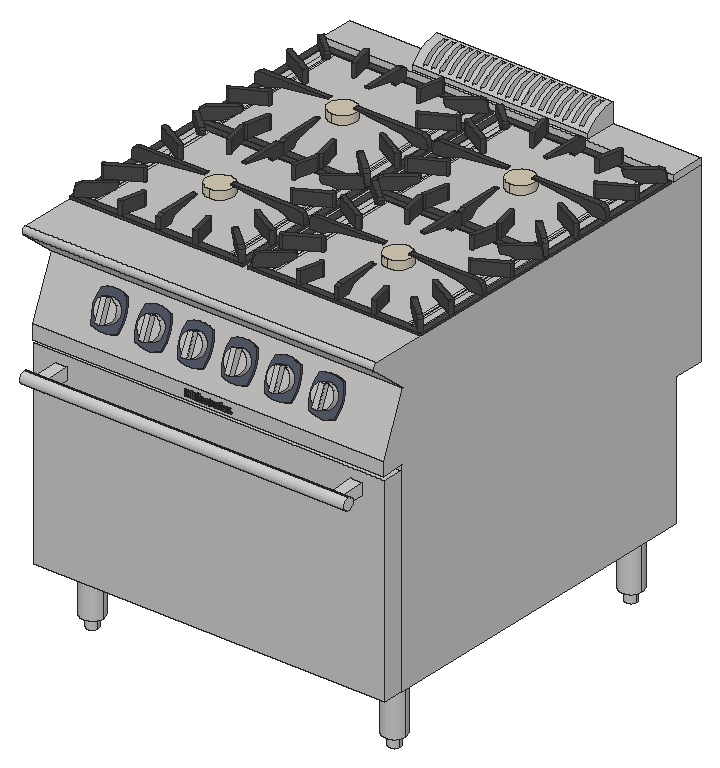
Revit family "QF_ELECTROLUXPROFESSIONAL_391457_E9AAMCBCMEE", category Specialty Equipment, Revit 2023
Family settings
  Round Connector Dimension = Use Diameter
  Part Type = Normal
  Work Plane-Based = No
  Enable Cutting in Views = No
  Always vertical = Yes
  Cut with Voids When Loaded = No
  Maintain Annotation Orientation = No
  Shared = No
  Room Calculation Point = No
Parameters (values of type "Standard")
  Weight = 155.00 kg
  Watts = 0 W
  Volts = 380 V
  URL Manufacturer = "http://www.electroluxprofessional.com"
  URL = "http://www.electroluxprofessional.com"
  Steam Supply Size = 0"
  Steam Supply Minimum Pressure = 0.00 psi
  Steam Supply Maximum Pressure = 0.00 psi
  Steam Consumption per Hour = 0
  Show Logo [instance] = yes
  Show Clearance [instance] = yes
  Refrigeration Suction Line Size = 0 mm
  Refrigeration Liquid Line Size = 0 mm
  Refrigerant Compressor Remote = yes
  Phase = 3
  Model = "E9AAMCBCMEE"
  Manufacturer = "Electrolux Professional"
  Length Actual = 800 mm
  Item Number = "391457"
  Hot Water Size = 0"
  Height Actual = 850 mm
  HP = "8 HP"
  Gas Size = 1/2"
  Gas KW = 28
  Gas Input Pressure = 2.96 Btu/h
  Direct Waste Size = 0"
  Description = "4-BURNER GAS RANGE+ELECTRIC OVEN 800MM - 3MM WORKTOP"
  Depth Actual = 930 mm
  Default Elevation = 0 mm
  Cycle = 50 Hz
  Condensate Return Size = 0"
  Compressed Air Volume = 0 GPM
  Compressed Air Size = 0"
  Compressed Air Pressure = 0.00 psi
  Cold Water Size = 0"
  Accessory = no
Reference planes
  plane 1 "BACK": y = 0
  plane 2: z = 0
  plane 3 "LEFT": x = 0
  plane 4 "RIGHT": x = 800.1
  plane 5 "FRONT": y = -930.275
  plane 6 "TOP": z = 909
  plane 7 "Center Y": x = 400.05
  plane 8 "Center X": y = -465.137
  plane 9: z = 150
  plane 10: z = 1397
  plane 11: y = -80.962
  plane 12: z = 851
  plane 13: x = 56
  plane 14: x = 744.1
  plane 15: y = -128
  plane 16: y = -802
  plane 17: y = -1306
  plane 18: y = -900
  plane 19: x = 552.1
  plane 20: x = 757.1
  plane 21: y = -665
Forms (mm)
  Extrusion 1, solid, material "QF_Finishes_Stainless Steel"
    sketch origin (0, 0, 0) x (0, 1, 0) y (0, 0, 1)
      loop
        line (0, 450.037) -> (0, 851) -> (-921.28, 851)
        arc (-921.28, 851) -> (-929.718, 845.109) -> (-927.095, 835.158) r 8.988
        line (-927.095, 835.158) -> (-846.681, 766.933) -> (-902.478, 641.576) -> (-902.478, 610.279) -> (-855.054, 614.975)
        arc (-855.054, 614.975) -> (-852.529, 614.227) -> (-851.437, 611.831) r 3.175
        line (-851.437, 611.831) -> (-851.437, 150) -> (-71.438, 150) -> (-71.438, 450.037) -> (0, 450.037)
    from 0 to 800.1
  Extrusion 2, solid, material "QF_Finishes_Stainless Steel"
    sketch origin (0, 0, 0) x (0, 1, 0) y (0, 0, 1)
      loop
        line (0, 851) -> (0, 865.288) -> (-76.2, 865.288) -> (-76.2, 851) -> (0, 851)
    from 0 to 800.1
  Extrusion 3, void
    sketch origin (-65.011, 0, 865.138) x (-1, 0, 0) y (0, -1, 0)
      loop
        line (-295.005, 6.761) -> (-285.709, 6.761) -> (-285.709, 63.911) -> (-295.005, 63.911) -> (-295.005, 6.761)
      loop
        line (-313.697, 6.761) -> (-304.401, 6.761) -> (-304.401, 63.911) -> (-313.697, 63.911) -> (-313.697, 6.761)
      loop
        line (-332.39, 6.761) -> (-323.094, 6.761) -> (-323.094, 63.911) -> (-332.39, 63.911) -> (-332.39, 6.761)
      loop
        line (-351.082, 6.761) -> (-341.787, 6.761) -> (-341.787, 63.911) -> (-351.082, 63.911) -> (-351.082, 6.761)
      loop
        line (-369.775, 6.761) -> (-360.479, 6.761) -> (-360.479, 63.911) -> (-369.775, 63.911) -> (-369.775, 6.761)
      loop
        line (-388.468, 6.761) -> (-379.172, 6.761) -> (-379.172, 63.911) -> (-388.468, 63.911) -> (-388.468, 6.761)
      loop
        line (-407.16, 6.761) -> (-397.864, 6.761) -> (-397.864, 63.911) -> (-407.16, 63.911) -> (-407.16, 6.761)
      loop
        line (-425.853, 6.761) -> (-416.557, 6.761) -> (-416.557, 63.911) -> (-425.853, 63.911) -> (-425.853, 6.761)
      loop
        line (-444.545, 6.761) -> (-435.25, 6.761) -> (-435.25, 63.911) -> (-444.545, 63.911) -> (-444.545, 6.761)
      loop
        line (-463.238, 6.761) -> (-453.942, 6.761) -> (-453.942, 63.911) -> (-463.238, 63.911) -> (-463.238, 6.761)
      loop
        line (-481.493, 6.761) -> (-472.635, 6.761) -> (-472.635, 63.911) -> (-481.493, 63.911) -> (-481.493, 6.761)
      loop
        line (-500.186, 6.761) -> (-490.89, 6.761) -> (-490.89, 63.911) -> (-500.186, 63.911) -> (-500.186, 6.761)
      loop
        line (-518.878, 6.761) -> (-509.583, 6.761) -> (-509.583, 63.911) -> (-518.878, 63.911) -> (-518.878, 6.761)
      loop
        line (-537.571, 6.761) -> (-528.275, 6.761) -> (-528.275, 63.911) -> (-537.571, 63.911) -> (-537.571, 6.761)
      loop
        line (-556.264, 6.761) -> (-546.968, 6.761) -> (-546.968, 63.911) -> (-556.264, 63.911) -> (-556.264, 6.761)
      loop
        line (-574.956, 6.761) -> (-565.66, 6.761) -> (-565.66, 63.911) -> (-574.956, 63.911) -> (-574.956, 6.761)
      loop
        line (-593.649, 6.761) -> (-584.353, 6.761) -> (-584.353, 63.911) -> (-593.649, 63.911) -> (-593.649, 6.761)
      loop
        line (-612.341, 6.761) -> (-603.046, 6.761) -> (-603.046, 63.911) -> (-612.341, 63.911) -> (-612.341, 6.761)
      loop
        line (-631.034, 6.761) -> (-621.738, 6.761) -> (-621.738, 63.911) -> (-631.034, 63.911) -> (-631.034, 6.761)
      loop
        line (-649.727, 6.761) -> (-640.431, 6.761) -> (-640.431, 63.911) -> (-649.727, 63.911) -> (-649.727, 6.761)
    from 9.525 to 45.348
  Extrusion 4, solid, material "QF_Finishes_Stainless Steel"
    sketch origin (400.05, 175.397, 1219.2) x (0, 1, 0) y (0, 0, 1)
      loop
        line (-175.397, -353.912) -> (-175.397, -310.2)
        arc (-175.397, -310.2) -> (-214.469, -318.821) -> (-245.247, -344.387) r 84.854
        line (-245.247, -344.387) -> (-245.247, -353.912) -> (-175.397, -353.912)
    from -200.05 to 199.95
  Extrusion 5, solid, material "QF_Finishes_Navy Blue"
    sketch origin (0, -879.281, 692.691) x (0, -0.406642, -0.913587) y (1, 0, 0)
      loop
        arc (-53.776, 223.651) -> (-18.194, 216.027) -> (17.514, 223.034) r 90.5
        arc (17.514, 223.034) -> (24.34, 252.222) -> (17.514, 281.409) r 65.817
        arc (17.514, 281.409) -> (-18.193, 288.369) -> (-53.776, 280.797) r 91.066
        arc (-53.776, 280.797) -> (-60.332, 252.224) -> (-53.776, 223.651) r 65.546
      loop
        arc (-53.776, 123.651) -> (-18.194, 116.027) -> (17.514, 123.034) r 90.5
        arc (17.514, 123.034) -> (24.34, 152.222) -> (17.514, 181.409) r 65.817
        arc (17.514, 181.409) -> (-18.193, 188.369) -> (-53.776, 180.797) r 91.066
        arc (-53.776, 180.797) -> (-60.332, 152.224) -> (-53.776, 123.651) r 65.546
      loop
        arc (-53.776, 576.786) -> (-60.332, 548.214) -> (-53.776, 519.641) r 65.546
        arc (-53.776, 519.641) -> (-18.193, 512.068) -> (17.514, 519.028) r 91.066
        arc (17.514, 519.028) -> (24.34, 548.216) -> (17.514, 577.404) r 65.817
        arc (17.514, 577.404) -> (-18.194, 584.411) -> (-53.776, 576.786) r 90.5
      loop
        arc (-53.776, 676.349) -> (-60.237, 647.995) -> (-53.776, 619.641) r 65.451
        arc (-53.776, 619.641) -> (-18.194, 612.032) -> (17.514, 619.025) r 90.665
        arc (17.514, 619.025) -> (24.245, 647.997) -> (17.514, 676.969) r 65.722
        arc (17.514, 676.969) -> (-18.195, 684.01) -> (-53.776, 676.349) r 90.1
      loop
        arc (-53.776, 420.279) -> (-18.194, 412.655) -> (17.514, 419.662) r 90.5
        arc (17.514, 419.662) -> (24.34, 448.849) -> (17.514, 478.037) r 65.817
        arc (17.514, 478.037) -> (-18.193, 484.997) -> (-53.776, 477.424) r 91.066
        arc (-53.776, 477.424) -> (-60.332, 448.852) -> (-53.776, 420.279) r 65.546
      loop
        arc (-53.776, 320.279) -> (-18.194, 312.655) -> (17.514, 319.662) r 90.5
        arc (17.514, 319.662) -> (24.34, 348.849) -> (17.514, 378.037) r 65.817
        arc (17.514, 378.037) -> (-18.193, 384.997) -> (-53.776, 377.424) r 91.066
        arc (-53.776, 377.424) -> (-60.332, 348.852) -> (-53.776, 320.279) r 65.546
    from 0 to 3.175
  Extrusion 6, solid, material "QF_Finishes_Stainless Steel"
    sketch origin (0, -882.182, 693.982) x (0, -0.406642, -0.913587) y (1, 0, 0)
      loop
        circle (-18.131, 252.457) r 25.4
      loop
        circle (-18.131, 152.457) r 25.4
      loop
        circle (-18.131, 547.543) r 25.4
      loop
        circle (-18.131, 647.543) r 25.4
      loop
        circle (-18.131, 349.085) r 25.4
      loop
        circle (-18.131, 449.085) r 25.4
    from 0 to 12.7
  Extrusion 7, solid, material "QF_Finishes_Stainless Steel"
    sketch origin (0, -893.785, 699.146) x (0, -0.406642, -0.913587) y (1, 0, 0)
      loop
        arc (-42.863, 258.243) -> (-43.531, 252.457) -> (-42.863, 246.671) r 25.4
        line (-42.863, 246.671) -> (6.601, 246.671)
        arc (6.601, 246.671) -> (7.269, 252.457) -> (6.601, 258.243) r 25.4
        line (6.601, 258.243) -> (-42.863, 258.243)
      loop
        arc (-42.863, 158.243) -> (-43.531, 152.457) -> (-42.863, 146.671) r 25.4
        line (-42.863, 146.671) -> (6.601, 146.671)
        arc (6.601, 146.671) -> (7.269, 152.457) -> (6.601, 158.243) r 25.4
        line (6.601, 158.243) -> (-42.863, 158.243)
      loop
        arc (-42.863, 553.425) -> (-43.531, 547.639) -> (-42.863, 541.852) r 25.4
        line (-42.863, 541.852) -> (6.601, 541.852)
        arc (6.601, 541.852) -> (7.269, 547.639) -> (6.601, 553.425) r 25.4
        line (6.601, 553.425) -> (-42.863, 553.425)
      loop
        arc (-42.863, 653.425) -> (-43.531, 647.639) -> (-42.863, 641.852) r 25.4
        line (-42.863, 641.852) -> (6.601, 641.852)
        arc (6.601, 641.852) -> (7.269, 647.639) -> (6.601, 653.425) r 25.4
        line (6.601, 653.425) -> (-42.863, 653.425)
      loop
        arc (-42.863, 454.871) -> (-43.531, 449.085) -> (-42.863, 443.299) r 25.4
        line (-42.863, 443.299) -> (6.601, 443.299)
        arc (6.601, 443.299) -> (7.269, 449.085) -> (6.601, 454.871) r 25.4
        line (6.601, 454.871) -> (-42.863, 454.871)
      loop
        arc (-42.863, 354.871) -> (-43.531, 349.085) -> (-42.863, 343.299) r 25.4
        line (-42.863, 343.299) -> (6.601, 343.299)
        arc (6.601, 343.299) -> (7.269, 349.085) -> (6.601, 354.871) r 25.4
        line (6.601, 354.871) -> (-42.863, 354.871)
    from 0 to 12.7
  Extrusion 8, solid, material "QF_Finishes_Navy Blue", visible <- "Show Logo"
    sketch origin (0, -902.478, 610.279) x (0, 0, 1) y (-1, 0, 0)
      loop
        line (21.268, -357.807) -> (8.901, -357.807)
        arc (8.901, -357.807) -> (15.085, -362.379) -> (21.268, -357.807) r 6.467
      loop
        arc (21.268, -357.178) -> (20.099, -352.035) -> (15.443, -349.557) r 6.338
        line (15.443, -349.557) -> (15.443, -351.603)
        arc (15.443, -351.603) -> (16.927, -355.258) -> (20.372, -357.178) r 5.941
        line (20.372, -357.178) -> (21.268, -357.178)
      loop
        arc (9.797, -357.178) -> (13.242, -355.258) -> (14.726, -351.603) r 5.941
        line (14.726, -351.603) -> (14.726, -349.557)
        arc (14.726, -349.557) -> (10.032, -352.031) -> (8.742, -357.178) r 6.504
        line (8.742, -357.178) -> (9.797, -357.178)
      loop
        line (21.943, -349.088) -> (8.198, -349.088) -> (8.198, -362.851) -> (21.943, -362.851) -> (21.943, -349.088)
      loop
        arc (22.026, -365.819) -> (21.679, -365.461) -> (21.312, -365.799) r 0.358
        arc (21.312, -365.799) -> (20.997, -366.549) -> (20.281, -366.934) r 1.216
        line (20.281, -366.934) -> (9.868, -366.934)
        arc (9.868, -366.934) -> (9.208, -366.657) -> (8.812, -366.06) r 1.238
        arc (8.812, -366.06) -> (8.417, -365.809) -> (8.112, -366.163) r 0.358
        line (8.112, -366.163) -> (8.112, -376.042) -> (10.863, -376.042) -> (10.863, -375.145)
        arc (10.863, -375.145) -> (9.954, -374.565) -> (9.498, -373.588) r 1.928
        line (9.498, -373.588) -> (9.498, -371.089)
        arc (9.498, -371.089) -> (9.774, -370.36) -> (10.462, -369.996) r 1.101
        line (10.462, -369.996) -> (14.549, -369.996) -> (14.549, -373.67)
        arc (14.549, -373.67) -> (14.196, -374.167) -> (13.631, -374.395) r 1.083
        arc (13.631, -374.395) -> (13.367, -374.7) -> (13.659, -374.978) r 0.292
        line (13.659, -374.978) -> (16.621, -374.978)
        arc (16.621, -374.978) -> (16.924, -374.705) -> (16.686, -374.375) r 0.305
        arc (16.686, -374.375) -> (16.195, -374.127) -> (15.89, -373.67) r 1.083
        line (15.89, -373.67) -> (15.89, -369.996) -> (20.567, -369.996) -> (20.567, -373.744)
        arc (20.567, -373.744) -> (20.353, -374.499) -> (19.747, -374.997) r 1.314
        arc (19.747, -374.997) -> (19.527, -375.401) -> (19.882, -375.694) r 0.361
        line (19.882, -375.694) -> (22.026, -375.694) -> (22.026, -365.819)
      loop
        arc (21.309, -376.474) -> (20.928, -377.393) -> (20.01, -377.773) r 1.299
        line (20.01, -377.773) -> (10.431, -377.773)
        arc (10.431, -377.773) -> (9.593, -377.395) -> (9.321, -376.517) r 1.118
        line (9.321, -376.517) -> (8.112, -376.517) -> (8.112, -381.867) -> (9.3, -381.867)
        arc (9.3, -381.867) -> (9.572, -380.95) -> (10.442, -380.554) r 1.153
        line (10.442, -380.554) -> (22.514, -380.554) -> (21.309, -376.474)
      loop
        line (13.077, -384.503) -> (13.077, -390.951) -> (13.876, -390.951)
        arc (13.876, -390.951) -> (16.456, -389.966) -> (17.725, -387.513) r 3.874
        line (17.725, -387.513) -> (17.725, -385.752)
        arc (17.725, -385.752) -> (16.538, -382.887) -> (13.674, -381.701) r 4.051
        line (13.674, -381.701) -> (11.666, -381.701)
        arc (11.666, -381.701) -> (8.847, -383.186) -> (7.795, -386.193) r 4.352
        arc (7.795, -386.193) -> (8.16, -388.656) -> (9.537, -390.73) r 5.713
        line (9.537, -390.73) -> (10.486, -390.73)
        arc (10.486, -390.73) -> (9.754, -389.161) -> (9.537, -387.443) r 5.579
        arc (9.537, -387.443) -> (10.331, -385.48) -> (12.21, -384.503) r 3.057
        line (12.21, -384.503) -> (13.077, -384.503)
      loop
        line (14.336, -384.503) -> (14.336, -388.085)
        arc (14.336, -388.085) -> (15.793, -388.133) -> (16.676, -386.973) r 1.59
        line (16.676, -386.973) -> (16.676, -386.143)
        arc (16.676, -386.143) -> (15.811, -384.888) -> (14.336, -384.503) r 2.184
      loop
        arc (17.127, -400.368) -> (17.616, -398.694) -> (17.773, -396.957) r 9.023
        line (17.773, -396.957) -> (17.773, -395.595)
        arc (17.773, -395.595) -> (16.614, -392.795) -> (13.814, -391.636) r 3.959
        line (13.814, -391.636) -> (11.214, -391.636)
        arc (11.214, -391.636) -> (8.932, -392.928) -> (7.815, -395.301) r 4.331
        line (7.815, -395.301) -> (7.815, -397.436)
        arc (7.815, -397.436) -> (8.323, -398.986) -> (9.245, -400.332) r 5.772
        arc (9.245, -400.332) -> (10.006, -400.383) -> (10.093, -399.624) r 0.553
        arc (10.093, -399.624) -> (9.705, -398.89) -> (9.571, -398.071) r 2.573
        line (9.571, -398.071) -> (9.571, -396.556)
        arc (9.571, -396.556) -> (10.577, -394.915) -> (12.392, -394.272) r 2.884
        line (12.392, -394.272) -> (13.67, -394.272)
        arc (13.67, -394.272) -> (15.492, -394.832) -> (16.418, -396.497) r 2.554
        line (16.418, -396.497) -> (16.418, -397.55)
        arc (16.418, -397.55) -> (16.087, -398.478) -> (15.43, -399.213) r 2.564
        arc (15.43, -399.213) -> (15.208, -399.93) -> (15.817, -400.368) r 0.643
        line (15.817, -400.368) -> (17.127, -400.368)
      loop
        line (16.109, -400.638) -> (16.109, -402.139) -> (10.061, -402.139)
        arc (10.061, -402.139) -> (8.473, -402.797) -> (7.815, -404.385) r 2.246
        line (7.815, -404.385) -> (7.815, -405.969)
        arc (7.815, -405.969) -> (8.129, -406.834) -> (8.629, -407.605) r 4.06
        arc (8.629, -407.605) -> (9.362, -407.738) -> (9.613, -407.037) r 0.576
        arc (9.613, -407.037) -> (9.507, -406.512) -> (9.571, -405.979) r 1.69
        arc (9.571, -405.979) -> (10.113, -405.191) -> (11.019, -404.888) r 1.506
        line (11.019, -404.888) -> (16.157, -404.888) -> (16.157, -407.285) -> (16.713, -407.842) -> (17.535, -407.842) -> (17.535, -404.982) -> (20.766, -404.982) -> (16.109, -400.638)
      loop
        line (8.032, -408.739) -> (8.032, -414.126) -> (9.142, -414.126)
        arc (9.142, -414.126) -> (9.536, -413.175) -> (10.487, -412.781) r 1.345
        line (10.487, -412.781) -> (14.103, -412.781)
        arc (14.103, -412.781) -> (14.868, -413.373) -> (15.157, -414.295) r 1.615
        line (15.157, -414.295) -> (15.157, -415.851) -> (17.713, -416.536) -> (17.713, -415.153) -> (15.771, -412.594) -> (17.651, -412.594) -> (17.367, -409.888)
        arc (17.367, -409.888) -> (16.927, -409.358) -> (16.268, -409.559) r 0.621
        arc (16.268, -409.559) -> (15.868, -409.901) -> (15.374, -410.084) r 1.501
        line (15.374, -410.084) -> (10.487, -410.084)
        arc (10.487, -410.084) -> (9.536, -409.69) -> (9.142, -408.739) r 1.345
        line (9.142, -408.739) -> (8.032, -408.739)
      loop
        line (14.134, -416.073) -> (11.442, -416.073)
        arc (11.442, -416.073) -> (8.996, -417.381) -> (7.863, -419.912) r 4.288
        arc (7.863, -419.912) -> (7.799, -421.292) -> (7.863, -422.672) r 15.022
        arc (7.863, -422.672) -> (8.996, -425.203) -> (11.442, -426.51) r 4.288
        line (11.442, -426.51) -> (14.134, -426.51)
        arc (14.134, -426.51) -> (16.579, -425.203) -> (17.713, -422.672) r 4.288
        arc (17.713, -422.672) -> (17.777, -421.292) -> (17.713, -419.912) r 15.022
        arc (17.713, -419.912) -> (16.579, -417.381) -> (14.134, -416.073) r 4.288
      loop
        line (14.339, -419.187) -> (11.237, -419.187)
        arc (11.237, -419.187) -> (9.08, -421.344) -> (11.237, -423.501) r 2.157
        line (11.237, -423.501) -> (14.339, -423.501)
        arc (14.339, -423.501) -> (16.496, -421.344) -> (14.339, -419.187) r 2.157
      loop
        arc (21.32, -426.369) -> (20.949, -427.263) -> (20.055, -427.633) r 1.264
        line (20.055, -427.633) -> (10.191, -427.633)
        arc (10.191, -427.633) -> (9.321, -427.236) -> (9.049, -426.32) r 1.153
        line (9.049, -426.32) -> (8.112, -426.32) -> (8.112, -431.428) -> (9.04, -431.428)
        arc (9.04, -431.428) -> (9.399, -430.656) -> (10.191, -430.341) r 1.153
        line (10.191, -430.341) -> (22.514, -430.341) -> (21.32, -426.369)
      loop
        arc (16.44, -430.966) -> (16.241, -432.03) -> (15.272, -432.512) r 1.215
        line (15.272, -432.512) -> (10.252, -432.512)
        arc (10.252, -432.512) -> (8.637, -433.16) -> (7.916, -434.743) r 2.338
        line (7.916, -434.743) -> (7.916, -436.257)
        arc (7.916, -436.257) -> (8.091, -437.261) -> (8.593, -438.147) r 2.979
        line (8.593, -438.147) -> (8.112, -439.944) -> (8.112, -441.633) -> (17.537, -441.633) -> (17.243, -437.429) -> (16.457, -437.429)
        arc (16.457, -437.429) -> (16.101, -438.265) -> (15.349, -438.774) r 1.605
        line (15.349, -438.774) -> (10.246, -438.774)
        arc (10.246, -438.774) -> (9.826, -437.837) -> (9.753, -436.813) r 2.94
        arc (9.753, -436.813) -> (10.314, -435.712) -> (11.467, -435.269) r 1.724
        line (11.467, -435.269) -> (17.664, -435.269) -> (16.44, -430.966)
      loop
        line (17.468, -442.486) -> (15.796, -444.532) -> (12.622, -446.838) -> (9.166, -443.726)
        arc (9.166, -443.726) -> (8.928, -443.332) -> (8.951, -442.873) r 0.789
        line (8.951, -442.873) -> (8.112, -442.873) -> (8.112, -446.418) -> (8.938, -446.418)
        arc (8.938, -446.418) -> (9.28, -446.056) -> (9.77, -446.148) r 0.52
        line (9.77, -446.148) -> (11.57, -447.619) -> (9.452, -448.995)
        arc (9.452, -448.995) -> (9.051, -448.685) -> (8.964, -448.185) r 0.7
        line (8.964, -448.185) -> (8.112, -448.185) -> (8.112, -454.112) -> (8.998, -454.112)
        arc (8.998, -454.112) -> (9.065, -453.453) -> (9.46, -452.922) r 1.247
        line (9.46, -452.922) -> (13.66, -449.641) -> (16.107, -451.694) -> (17.468, -453.436) -> (17.468, -449.713) -> (15.983, -450.135) -> (14.462, -448.858) -> (16.162, -447.668) -> (17.468, -448.445) -> (17.468, -442.486)
    from 0 to 1.644
  Extrusion 9, solid, material "QF_Finishes_Stainless Steel"
    sketch origin (0, -851.437, 611.831) x (0, 0, -1) y (1, 0, 0)
      loop
        line (461.056, 0) -> (461.056, 800) -> (9.61, 800) -> (9.61, 0) -> (461.056, 0)
    from 3.175 to 48.563
  Extrusion 10, solid, material "QF_Door-Drawer Clearances", visible <- "Show Clearance", detail levels coarse
    sketch origin (800, -851.437, 150.775) x (0, 0, 1) y (0, -1, 0)
      loop
        line (0, 454.563) -> (0, 48.563) -> (451.635, 48.563)
        arc (451.635, 48.563) -> (296.232, 329.892) -> (0, 454.563) r 490.361
    from 0 to -800
  Extrusion 11, solid, material "QF_Clearances", visible <- "Show Clearance", detail levels coarse
    sketch origin (0, 0, 0) x (1, 0, 0) y (0, 1, 0)
      loop
        line (-100.013, -930.275) -> (0, -930.275) -> (0, 0) -> (800.1, 0) -> (800.1, -930.275) -> (900.113, -930.275) -> (900.113, 100.013) -> (-100.013, 100.013) -> (-100.013, -930.275)
    from 0 to 909
  Revolve 12, solid, material "QF_Finishes_Stainless Steel"
    sketch origin (800.1, -128, 611.731) x (0, 0, -1) y (1, 0, 0)
      loop
        line (461.731, -56) -> (611.731, -56) -> (611.731, -43.3) -> (586.331, -43.3) -> (586.331, -30.6) -> (461.731, -30.6) -> (461.731, -56)
      axis (611.731, -56) -> (461.731, -56)
    angle from 0 to 360
  Revolve 13, solid, material "QF_Finishes_Stainless Steel"
    sketch origin (111.125, -128, 611.731) x (0, 0, -1) y (1, 0, 0)
      loop
        line (461.731, -55.125) -> (611.731, -55.125) -> (611.731, -42.425) -> (586.331, -42.425) -> (586.331, -29.725) -> (461.731, -29.725) -> (461.731, -55.125)
      axis (611.731, -55.125) -> (461.731, -55.125)
    angle from 0 to 360
  Revolve 14, solid, material "QF_Finishes_Stainless Steel"
    sketch origin (800.1, -802, 611.731) x (0, 0, -1) y (1, 0, 0)
      loop
        line (461.731, -56) -> (611.731, -56) -> (611.731, -43.3) -> (586.331, -43.3) -> (586.331, -30.6) -> (461.731, -30.6) -> (461.731, -56)
      axis (611.731, -56) -> (461.731, -56)
    angle from 0 to 360
  Revolve 15, solid, material "QF_Finishes_Stainless Steel"
    sketch origin (111.125, -802, 611.731) x (0, 0, -1) y (1, 0, 0)
      loop
        line (461.731, -55.125) -> (611.731, -55.125) -> (611.731, -42.425) -> (586.331, -42.425) -> (586.331, -29.725) -> (461.731, -29.725) -> (461.731, -55.125)
      axis (611.731, -55.125) -> (461.731, -55.125)
    angle from 0 to 360
  Extrusion 16, solid, material "QF_Finishes_Handrails and Railings"
    sketch origin (50.8, -1067.312, 150) x (0, 0, 1) y (0, 1, 0)
      loop
        circle (421.409, 103.146) r 12.7
    from 19.875 to -718.375
  Extrusion 17, solid, material "QF_Finishes_Handrails and Railings"
    sketch origin (800, -1067.312, 150) x (0, 0, 1) y (0, -1, 0)
      loop
        line (430.101, -167.312) -> (427.396, -114.347)
        arc (427.396, -114.347) -> (413.589, -113.153) -> (409.093, -100.044) r 12.7
        arc (409.093, -100.044) -> (408.276, -100.585) -> (407.501, -101.183) r 13.441
        arc (407.501, -101.183) -> (406.055, -102.989) -> (405.435, -105.216) r 5.77
        line (405.435, -105.216) -> (402.092, -167.312) -> (430.101, -167.312)
    from -50.7 to -76.1
  Extrusion 18, solid, material "QF_Finishes_Handrails and Railings"
    sketch origin (0.1, -1067.312, 150) x (0, 0, 1) y (0, 1, 0)
      loop
        line (430.101, 167.312) -> (402.092, 167.312) -> (405.435, 105.216)
        arc (405.435, 105.216) -> (406.055, 102.989) -> (407.501, 101.183) r 5.77
        arc (407.501, 101.183) -> (408.276, 100.585) -> (409.093, 100.044) r 13.441
        arc (409.093, 100.044) -> (413.589, 113.153) -> (427.396, 114.347) r 12.7
        line (427.396, 114.347) -> (430.101, 167.312)
    from -50.7 to -76.1
  Extrusion 19, solid, material "QF_Finishes_Stainless Steel"
    sketch origin (0, -851.437, 150) x (1, 0, 0) y (0, -1, 0)
      loop
        circle (757.1, -91.437) r 12.7
    from 0 to 4
  Extrusion 20, solid, material "QF_Finishes_Stainless Steel"
    sketch origin (0, -851.437, 150) x (1, 0, 0) y (0, -1, 0)
      loop
        circle (749.1, -186.437) r 6.4
    from 0 to 21
  Extrusion 21, solid, material "QF_Finishes_Stainless Steel"
    sketch origin (0, -851.437, 150) x (1, 0, 0) y (0, -1, 0)
      loop
        circle (649.1, -316.437) r 12.7
    from 0 to 3
Cuts and joins
  Extrusion 3 cuts Extrusion 4
Lines and regions (mm)
  Split face 1
    outline origin (0, -846.681, 766.933) x (0, -0.406642, -0.913587) y (1, 0, 0)
      loop
        circle (14.837, 511.387) r 5
  Split face 2
    outline origin (800.1, -846.681, 766.933) x (0, -0.406642, -0.913587) y (1, 0, 0)
      loop
        circle (14.837, -511.387) r 5
  symbolic lines, style "QF_Clearances", visible <- "Show Clearance", detail levels coarse
    curve 1: line (-100.013, -930.275, 0) -> (-100.012, 100.013, 0)
    curve 2: line (-100.013, 100.013, 0) -> (900.113, 100.013, 0)
    curve 3: line (900.113, 100.013, 0) -> (900.113, -929.879, 0)
  symbolic lines
    curve 4: line (0, 0, 0) -> (800.1, 0, 0)
    curve 5: line (800.1, 0, 0) -> (800.1, -930.275, 0)
    curve 6: line (0, -930.275, 0) -> (0, 0, 0)
    curve 7: line (0, -76.2, 0) -> (800.1, -76.2, 0)
    curve 8: line (0, -930.275, 0) -> (800.1, -930.275, 0)
    curve 13: line (50.8, -967.268, 0) -> (50.8, -930.275, 0)
    curve 14: line (50.8, -967.268, 0) -> (76.2, -967.268, 0)
    curve 15: line (76.2, -967.268, 0) -> (76.2, -930.275, 0)
    curve 16: line (30.925, -951.466, 0) -> (30.925, -976.866, 0)
    curve 17: line (30.925, -976.866, 0) -> (769.175, -976.866, 0)
    curve 18: line (769.175, -976.866, 0) -> (769.175, -951.466, 0)
    curve 19: line (769.175, -951.466, 0) -> (749.3, -951.466, 0)
    curve 20: line (749.3, -967.268, 0) -> (749.3, -930.275, 0)
    curve 21: line (723.9, -930.275, 0) -> (723.9, -967.268, 0)
    curve 22: line (723.9, -967.268, 0) -> (749.3, -967.268, 0)
    curve 23: line (76.2, -951.468, 0) -> (723.9, -951.468, 0)
    curve 24: line (200, -69.85, 0) -> (600, -69.85, 0)
    curve 25: line (220.698, -63.911, 0) -> (220.698, -6.761, 0)
    curve 26: line (220.698, -6.761, 0) -> (229.994, -6.761, 0)
    curve 27: line (229.994, -6.761, 0) -> (229.994, -63.911, 0)
    curve 28: line (229.994, -63.911, 0) -> (220.698, -63.911, 0)
    curve 29: line (239.39, -63.911, 0) -> (239.39, -6.761, 0)
    curve 30: line (239.39, -6.761, 0) -> (248.686, -6.761, 0)
    curve 31: line (248.686, -6.761, 0) -> (248.686, -63.911, 0)
    curve 32: line (248.686, -63.911, 0) -> (239.39, -63.911, 0)
    curve 33: line (258.083, -63.911, 0) -> (258.083, -6.761, 0)
    curve 34: line (258.083, -6.761, 0) -> (267.379, -6.761, 0)
    curve 35: line (267.379, -6.761, 0) -> (267.379, -63.911, 0)
    curve 36: line (267.379, -63.911, 0) -> (258.083, -63.911, 0)
    curve 37: line (276.776, -63.911, 0) -> (276.776, -6.761, 0)
    curve 38: line (276.776, -6.761, 0) -> (286.071, -6.761, 0)
    curve 39: line (286.071, -6.761, 0) -> (286.071, -63.911, 0)
    curve 40: line (286.071, -63.911, 0) -> (276.776, -63.911, 0)
    curve 41: line (295.468, -63.911, 0) -> (295.468, -6.761, 0)
    curve 42: line (295.468, -6.761, 0) -> (304.764, -6.761, 0)
    curve 43: line (304.764, -6.761, 0) -> (304.764, -63.911, 0)
    curve 44: line (304.764, -63.911, 0) -> (295.468, -63.911, 0)
    curve 45: line (314.161, -63.911, 0) -> (314.161, -6.761, 0)
    curve 46: line (314.161, -6.761, 0) -> (323.457, -6.761, 0)
    curve 47: line (323.457, -6.761, 0) -> (323.457, -63.911, 0)
    curve 48: line (323.457, -63.911, 0) -> (314.161, -63.911, 0)
    curve 49: line (332.854, -63.911, 0) -> (332.854, -6.761, 0)
    curve 50: line (332.854, -6.761, 0) -> (342.149, -6.761, 0)
    curve 51: line (342.149, -6.761, 0) -> (342.149, -63.911, 0)
    curve 52: line (342.149, -63.911, 0) -> (332.854, -63.911, 0)
    curve 53: line (351.546, -63.911, 0) -> (351.546, -6.761, 0)
    curve 54: line (351.546, -6.761, 0) -> (360.842, -6.761, 0)
    curve 55: line (360.842, -6.761, 0) -> (360.842, -63.911, 0)
    curve 56: line (360.842, -63.911, 0) -> (351.546, -63.911, 0)
    curve 57: line (370.239, -63.911, 0) -> (370.239, -6.761, 0)
    curve 58: line (370.239, -6.761, 0) -> (379.534, -6.761, 0)
    curve 59: line (379.534, -6.761, 0) -> (379.534, -63.911, 0)
    curve 60: line (379.534, -63.911, 0) -> (370.239, -63.911, 0)
    curve 61: line (388.931, -63.911, 0) -> (388.931, -6.761, 0)
    curve 62: line (388.931, -6.761, 0) -> (398.227, -6.761, 0)
    curve 63: line (398.227, -6.761, 0) -> (398.227, -63.911, 0)
    curve 64: line (398.227, -63.911, 0) -> (388.931, -63.911, 0)
    curve 65: line (407.624, -63.911, 0) -> (407.624, -6.761, 0)
    curve 66: line (407.624, -6.761, 0) -> (416.482, -6.761, 0)
    curve 67: line (416.482, -6.761, 0) -> (416.482, -63.911, 0)
    curve 68: line (416.482, -63.911, 0) -> (407.624, -63.911, 0)
    curve 69: line (425.879, -63.911, 0) -> (425.879, -6.761, 0)
    curve 70: line (425.879, -6.761, 0) -> (435.175, -6.761, 0)
    curve 71: line (435.175, -6.761, 0) -> (435.175, -63.911, 0)
    curve 72: line (435.175, -63.911, 0) -> (425.879, -63.911, 0)
    curve 73: line (444.572, -63.911, 0) -> (444.572, -6.761, 0)
    curve 74: line (444.572, -6.761, 0) -> (453.867, -6.761, 0)
    curve 75: line (453.867, -6.761, 0) -> (453.867, -63.911, 0)
    curve 76: line (453.867, -63.911, 0) -> (444.572, -63.911, 0)
    curve 77: line (463.264, -63.911, 0) -> (463.264, -6.761, 0)
    curve 78: line (463.264, -6.761, 0) -> (472.56, -6.761, 0)
    curve 79: line (472.56, -6.761, 0) -> (472.56, -63.911, 0)
    curve 80: line (472.56, -63.911, 0) -> (463.264, -63.911, 0)
    curve 81: line (481.957, -63.911, 0) -> (481.957, -6.761, 0)
    curve 82: line (481.957, -6.761, 0) -> (491.253, -6.761, 0)
    curve 83: line (491.253, -6.761, 0) -> (491.253, -63.911, 0)
    curve 84: line (491.253, -63.911, 0) -> (481.957, -63.911, 0)
    curve 85: line (500.65, -63.911, 0) -> (500.65, -6.761, 0)
    curve 86: line (500.65, -6.761, 0) -> (509.945, -6.761, 0)
    curve 87: line (509.945, -6.761, 0) -> (509.945, -63.911, 0)
    curve 88: line (509.945, -63.911, 0) -> (500.65, -63.911, 0)
    curve 89: line (519.342, -63.911, 0) -> (519.342, -6.761, 0)
    curve 90: line (519.342, -6.761, 0) -> (528.638, -6.761, 0)
    curve 91: line (528.638, -6.761, 0) -> (528.638, -63.911, 0)
    curve 92: line (528.638, -63.911, 0) -> (519.342, -63.911, 0)
    curve 93: line (538.035, -63.911, 0) -> (538.035, -6.761, 0)
    curve 94: line (538.035, -6.761, 0) -> (547.33, -6.761, 0)
    curve 95: line (547.33, -6.761, 0) -> (547.33, -63.911, 0)
    curve 96: line (547.33, -63.911, 0) -> (538.035, -63.911, 0)
    curve 97: line (556.727, -63.911, 0) -> (556.727, -6.761, 0)
    curve 98: line (556.727, -6.761, 0) -> (566.023, -6.761, 0)
    curve 99: line (566.023, -6.761, 0) -> (566.023, -63.911, 0)
    curve 100: line (566.023, -63.911, 0) -> (556.727, -63.911, 0)
    curve 101: line (575.42, -63.911, 0) -> (575.42, -6.761, 0)
    curve 102: line (575.42, -6.761, 0) -> (584.716, -6.761, 0)
    curve 103: line (584.716, -6.761, 0) -> (584.716, -63.911, 0)
    curve 104: line (584.716, -63.911, 0) -> (575.42, -63.911, 0)
    curve 105: line (600, -69.85, 0) -> (600, 0, 0)
    curve 106: line (200, 0, 0) -> (200, -69.85, 0)
  symbolic lines, style "QF_Door-Drawer Clearances"
    curve 9: line (800.1, -930.275, 0) -> (800.1, -1306, 0)
    curve 10: line (800.1, -1306, 0) -> (0, -1306, 0)
    curve 11: line (0, -930.275, 0) -> (0, -1306, 0)
  symbolic lines, style "SpecialityEquipment"
    curve 12: line (30.925, -951.466, 0) -> (50.8, -951.466, 0)
Dimensions and locks
  equal spacing: plane 3 "LEFT", plane 7 "Center Y", plane 4 "RIGHT"
  plane 3 "LEFT" to plane 4 "RIGHT" = 800.1 mm
  equal spacing: plane 5 "FRONT", plane 8 "Center X", plane 1 "BACK"
  plane 5 "FRONT" to plane 1 "BACK" = 930.275 mm  (x3)
  plane 6 "TOP" to plane 2 = 909 mm
  plane 9 to plane 2 = 150 mm
  plane 10 to plane 2 = 1397 mm
  plane 6 "TOP" to plane 12 = 58 mm  (x2)
  plane 12 to plane 2 = 851 mm
  plane 3 "LEFT" to plane 13 = 56 mm
  plane 4 "RIGHT" to plane 14 = 56 mm
  plane 15 to plane 1 "BACK" = 128 mm
  plane 16 to plane 15 = 674 mm
  Extrusion 1 sketch curve to plane 1 "BACK" = 71.438 mm
  Extrusion 1 sketch curve to plane 9 = 300.037 mm
  plane 17 to plane 1 "BACK" = 1306 mm
  plane 18 to plane 1 "BACK" = 900 mm
  plane 18 to plane 16 = 98 mm
  plane 9 to Extrusion 1 = 300.037 mm
  plane 4 "RIGHT" to plane 19 = 248 mm
  plane 4 "RIGHT" to plane 20 = 43 mm
  plane 13 to plane 14 = 688.1 mm
  plane 21 to plane 1 "BACK" = 665 mm
  Extrusion 19 sketch curve to plane 4 "RIGHT" = 43 mm
  Extrusion 19 sketch curve to plane 1 "BACK" = 760 mm
  plane 2 to Extrusion 20 = 129 mm
  aligned and locked: level to plane 2
  aligned and locked: Extrusion 1 to plane 4 "RIGHT"
  aligned and locked: Extrusion 2 to plane 4 "RIGHT"
  aligned and locked: Extrusion 10 to Extrusion 9
  aligned and locked: plane 6 "TOP" to Extrusion 11
Automatic sketch dimensions
  Extrusion 2 sketch curve to plane 12 = 0 mm
  Extrusion 2 sketch curve to plane 1 "BACK" = 0 mm
  plane 11 to Extrusion 2 sketch curve = 4.763 mm
  plane 12 to Extrusion 2 sketch curve = 14.288 mm
  plane 19 to Extrusion 3 sketch curve = 32.616 mm
  Extrusion 3 sketch curve to Extrusion 3 sketch curve = 9.296 mm  (x18)
  Extrusion 3 sketch curve to Extrusion 3 sketch curve = 9.397 mm  (x17)
  plane 19 to Extrusion 3 sketch curve = 4.627 mm
  Extrusion 3 sketch curve to plane 19 = 4.77 mm
  plane 7 "Center Y" to Extrusion 3 sketch curve = 7.574 mm
  Extrusion 3 sketch curve to plane 7 "Center Y" = 1.823 mm
  plane 1 "BACK" to Extrusion 3 sketch curve = 6.761 mm  (x20)
  plane 11 to Extrusion 3 sketch curve = 17.052 mm  (x20)
  Extrusion 4 sketch curve to plane 1 "BACK" = 0 mm
  Extrusion 4 sketch curve to plane 6 "TOP" = 0 mm
  plane 1 "BACK" to Extrusion 4 sketch curve = 1.769 mm
  plane 11 to Extrusion 4 sketch curve = 11.113 mm
  Extrusion 4 sketch curve to plane 6 "TOP" = 34.187 mm
  Extrusion 4 sketch curve to Extrusion 4 sketch curve = 9.525 mm
  plane 19 to Extrusion 5 sketch curve = 67.541 mm
  Extrusion 5 sketch curve to plane 13 = 167.651 mm
  Extrusion 5 sketch curve to Extrusion 5 sketch curve = 0 mm  (x16)
  Extrusion 5 sketch curve to plane 7 "Center Y" = 22.626 mm
  Extrusion 5 sketch curve to plane 19 = 32.459 mm
  plane 7 "Center Y" to Extrusion 5 sketch curve = 20.229 mm
  plane 19 to Extrusion 5 sketch curve = 24.686 mm
  Extrusion 5 sketch curve to Extrusion 5 sketch curve = 12.3 mm  (x18)
  Extrusion 5 sketch curve to plane 19 = 3.884 mm
  Extrusion 5 sketch curve to Extrusion 5 sketch curve = 36.365 mm  (x7)
  plane 7 "Center Y" to Extrusion 5 sketch curve = 3.101 mm
  Extrusion 5 sketch curve to plane 7 "Center Y" = 6.115 mm
  Extrusion 5 sketch curve to Extrusion 5 sketch curve = 46.691 mm  (x6)
  plane 7 "Center Y" to Extrusion 5 sketch curve = 19.612 mm
  Extrusion 5 sketch curve to plane 7 "Center Y" = 22.013 mm
  Extrusion 5 sketch curve to Extrusion 5 sketch curve = 0.617 mm
  Extrusion 5 sketch curve to Extrusion 5 sketch curve = 16.51 mm  (x2)
  Extrusion 5 sketch curve to Extrusion 5 sketch curve = 9.217 mm  (x2)
  Extrusion 5 sketch curve to Extrusion 5 sketch curve = 15.898 mm
  Extrusion 5 sketch curve to Extrusion 5 sketch curve = 29.185 mm
  Extrusion 5 sketch curve to Extrusion 5 sketch curve = 28.57 mm  (x2)
  Extrusion 5 sketch curve to Extrusion 5 sketch curve = 13.138 mm
  Extrusion 5 sketch curve to Extrusion 5 sketch curve = 9.238 mm
  Extrusion 5 sketch curve to Extrusion 5 sketch curve = 15.894 mm
  Extrusion 5 sketch curve to Extrusion 5 sketch curve = 28.97 mm
  Extrusion 6 sketch curve to Extrusion 6 sketch curve = 0 mm  (x5)
  Extrusion 6 sketch curve to Extrusion 6 sketch curve = 100 mm  (x3)
  Extrusion 6 sketch curve to Extrusion 6 sketch curve = 96.628 mm
  Extrusion 6 sketch curve to Extrusion 6 sketch curve = 98.458 mm
  Extrusion 7 sketch curve to Extrusion 7 sketch curve = 0 mm  (x12)
  Extrusion 7 sketch curve to Extrusion 7 sketch curve = 24.732 mm  (x8)
  Extrusion 7 sketch curve to Extrusion 7 sketch curve = 86.982 mm
  Extrusion 7 sketch curve to Extrusion 7 sketch curve = 5.786 mm  (x2)
  Extrusion 7 sketch curve to Extrusion 7 sketch curve = 88.428 mm
  Extrusion 8 sketch curve to Extrusion 1 = 2.755 mm
  Extrusion 8 sketch curve to Extrusion 1 = 7.795 mm
  Extrusion 8 sketch curve to Extrusion 1 = 7.815 mm  (x2)
  Extrusion 8 sketch curve to Extrusion 8 sketch curve = 5.108 mm  (x2)
  Extrusion 8 sketch curve to Extrusion 8 sketch curve = 0 mm  (x27)
  Extrusion 8 sketch curve to Extrusion 1 = 7.916 mm
  Extrusion 8 sketch curve to Extrusion 8 sketch curve = 0.218 mm
  Extrusion 8 sketch curve to Extrusion 8 sketch curve = 0.195 mm
  Extrusion 8 sketch curve to Extrusion 8 sketch curve = 0.249 mm
  Extrusion 8 sketch curve to Extrusion 1 = 8.112 mm
  Extrusion 8 sketch curve to Extrusion 8 sketch curve = 0.087 mm
  Extrusion 8 sketch curve to Extrusion 8 sketch curve = 0.358 mm
  Extrusion 8 sketch curve to Extrusion 8 sketch curve = 0.481 mm
  Extrusion 8 sketch curve to Extrusion 8 sketch curve = 0.597 mm
  Extrusion 8 sketch curve to Extrusion 8 sketch curve = 0.544 mm
  Extrusion 8 sketch curve to Extrusion 8 sketch curve = 0.936 mm
  Extrusion 8 sketch curve to Extrusion 8 sketch curve = 0.594 mm
  Extrusion 8 sketch curve to Extrusion 8 sketch curve = 0.343 mm
  Extrusion 8 sketch curve to Extrusion 8 sketch curve = 0.159 mm
  Extrusion 8 sketch curve to Extrusion 8 sketch curve = 0.826 mm
  Extrusion 8 sketch curve to Extrusion 8 sketch curve = 0.839 mm
  Extrusion 8 sketch curve to Extrusion 8 sketch curve = 0.852 mm
  Extrusion 8 sketch curve to Extrusion 8 sketch curve = 0.887 mm
  Extrusion 8 sketch curve to Extrusion 8 sketch curve = 0.928 mm
  Extrusion 8 sketch curve to Extrusion 8 sketch curve = 0.938 mm
  Extrusion 8 sketch curve to Extrusion 8 sketch curve = 0.444 mm
  Extrusion 8 sketch curve to Extrusion 8 sketch curve = 1.11 mm  (x3)
  Extrusion 8 sketch curve to Extrusion 8 sketch curve = 0.215 mm
  Extrusion 8 sketch curve to Extrusion 8 sketch curve = 1.43 mm
  Extrusion 8 sketch curve to Extrusion 8 sketch curve = 1.188 mm
  Extrusion 8 sketch curve to Extrusion 8 sketch curve = 1.21 mm  (x2)
  Extrusion 8 sketch curve to Extrusion 8 sketch curve = 0.503 mm
  Extrusion 8 sketch curve to Extrusion 8 sketch curve = 0.488 mm
  Extrusion 8 sketch curve to Extrusion 8 sketch curve = 0.462 mm
  Extrusion 8 sketch curve to Extrusion 8 sketch curve = 1.386 mm
  Extrusion 8 sketch curve to Extrusion 8 sketch curve = 1.742 mm  (x2)
  Extrusion 8 sketch curve to Extrusion 8 sketch curve = 0.821 mm
  Extrusion 8 sketch curve to Extrusion 8 sketch curve = 0.497 mm
  Extrusion 8 sketch curve to Extrusion 8 sketch curve = 0.539 mm
  Extrusion 8 sketch curve to Extrusion 8 sketch curve = 0.199 mm
  Extrusion 8 sketch curve to Extrusion 8 sketch curve = 0.408 mm
  Extrusion 8 sketch curve to Extrusion 8 sketch curve = 0.743 mm
  Extrusion 8 sketch curve to Extrusion 8 sketch curve = 1.16 mm
  Extrusion 8 sketch curve to Extrusion 8 sketch curve = 0.329 mm
  Extrusion 8 sketch curve to Extrusion 8 sketch curve = 1.054 mm
  Extrusion 8 sketch curve to Extrusion 8 sketch curve = 1.056 mm
  Extrusion 8 sketch curve to Extrusion 8 sketch curve = 0.129 mm
  Extrusion 8 sketch curve to Extrusion 8 sketch curve = 0.489 mm
  Extrusion 8 sketch curve to Extrusion 8 sketch curve = 0.441 mm
  Extrusion 8 sketch curve to Extrusion 8 sketch curve = 1.151 mm
  Extrusion 8 sketch curve to Extrusion 8 sketch curve = 1.141 mm  (x2)
  Extrusion 8 sketch curve to Extrusion 8 sketch curve = 0.768 mm
  Extrusion 8 sketch curve to Extrusion 8 sketch curve = 1.653 mm
  Extrusion 8 sketch curve to Extrusion 8 sketch curve = 0.499 mm
  Extrusion 8 sketch curve to Extrusion 8 sketch curve = 0.964 mm
  Extrusion 8 sketch curve to Extrusion 8 sketch curve = 0.949 mm
  Extrusion 8 sketch curve to Extrusion 8 sketch curve = 1.345 mm  (x3)
  Extrusion 8 sketch curve to Extrusion 8 sketch curve = 1.101 mm
  Extrusion 8 sketch curve to Extrusion 8 sketch curve = 0.432 mm
  Extrusion 8 sketch curve to Extrusion 8 sketch curve = 1.142 mm
  Extrusion 8 sketch curve to Extrusion 8 sketch curve = 0.959 mm
  Extrusion 8 sketch curve to Extrusion 8 sketch curve = 0.176 mm
  Extrusion 8 sketch curve to Extrusion 8 sketch curve = 0.728 mm
  Extrusion 8 sketch curve to Extrusion 8 sketch curve = 3.375 mm  (x2)
  Extrusion 8 sketch curve to Extrusion 8 sketch curve = 0.541 mm
  Extrusion 8 sketch curve to Extrusion 8 sketch curve = 0.955 mm
  Extrusion 8 sketch curve to Extrusion 8 sketch curve = 1.251 mm
  Extrusion 8 sketch curve to Extrusion 8 sketch curve = 0.572 mm
  Extrusion 8 sketch curve to Extrusion 8 sketch curve = 1.92 mm
  Extrusion 8 sketch curve to Extrusion 8 sketch curve = 1.224 mm
  Extrusion 8 sketch curve to Extrusion 8 sketch curve = 0.745 mm
  Extrusion 8 sketch curve to Extrusion 8 sketch curve = 2.537 mm
  Extrusion 8 sketch curve to Extrusion 8 sketch curve = 0.896 mm  (x3)
  Extrusion 8 sketch curve to Extrusion 8 sketch curve = 0.036 mm
  Extrusion 8 sketch curve to Extrusion 8 sketch curve = 2.607 mm
  Extrusion 8 sketch curve to Extrusion 8 sketch curve = 0.066 mm
  Extrusion 8 sketch curve to Extrusion 8 sketch curve = 0.248 mm
  Extrusion 8 sketch curve to Extrusion 8 sketch curve = 0.449 mm
  Extrusion 8 sketch curve to Extrusion 8 sketch curve = 1.052 mm
  Extrusion 8 sketch curve to Extrusion 8 sketch curve = 1.863 mm
  Extrusion 8 sketch curve to Extrusion 8 sketch curve = 1.31 mm  (x2)
  Extrusion 8 sketch curve to Extrusion 8 sketch curve = 0.901 mm
  Extrusion 8 sketch curve to Extrusion 8 sketch curve = 1.107 mm
  Extrusion 8 sketch curve to Extrusion 8 sketch curve = 2.122 mm
  Extrusion 8 sketch curve to Extrusion 8 sketch curve = 2.101 mm
  Extrusion 8 sketch curve to Extrusion 8 sketch curve = 0.106 mm
  Extrusion 8 sketch curve to Extrusion 8 sketch curve = 0.029 mm
  Extrusion 8 sketch curve to Extrusion 8 sketch curve = 2.09 mm
  Extrusion 8 sketch curve to Extrusion 8 sketch curve = 1.279 mm
  Extrusion 8 sketch curve to Extrusion 8 sketch curve = 2.008 mm
  Extrusion 8 sketch curve to Extrusion 8 sketch curve = 0.738 mm
  Extrusion 8 sketch curve to Extrusion 8 sketch curve = 0.382 mm
  Extrusion 8 sketch curve to Extrusion 8 sketch curve = 0.384 mm
  Extrusion 8 sketch curve to Extrusion 8 sketch curve = 0.002 mm
  Extrusion 8 sketch curve to Extrusion 8 sketch curve = 0.561 mm
  Extrusion 8 sketch curve to Extrusion 8 sketch curve = 0.592 mm
  Extrusion 8 sketch curve to Extrusion 8 sketch curve = 2.692 mm
  Extrusion 8 sketch curve to Extrusion 8 sketch curve = 1.259 mm
  Extrusion 8 sketch curve to Extrusion 8 sketch curve = 0.802 mm
  Extrusion 8 sketch curve to Extrusion 8 sketch curve = 1.024 mm  (x2)
  Extrusion 8 sketch curve to Extrusion 8 sketch curve = 0.682 mm
  Extrusion 8 sketch curve to Extrusion 8 sketch curve = 5.934 mm
  Extrusion 8 sketch curve to Extrusion 8 sketch curve = 2.186 mm
  Extrusion 8 sketch curve to Extrusion 8 sketch curve = 0.337 mm
  Extrusion 8 sketch curve to Extrusion 8 sketch curve = 0.021 mm
  Extrusion 8 sketch curve to Extrusion 8 sketch curve = 1.005 mm
  Extrusion 8 sketch curve to Extrusion 8 sketch curve = 0.552 mm
  Extrusion 8 sketch curve to Extrusion 8 sketch curve = 0.778 mm
  Extrusion 8 sketch curve to Extrusion 8 sketch curve = 0.063 mm
  Extrusion 8 sketch curve to Extrusion 8 sketch curve = 1.023 mm
  Extrusion 8 sketch curve to Extrusion 8 sketch curve = 3.804 mm
  Extrusion 8 sketch curve to Extrusion 8 sketch curve = 0.486 mm
  Extrusion 8 sketch curve to Extrusion 8 sketch curve = 0.266 mm
  Extrusion 8 sketch curve to Extrusion 8 sketch curve = 1.547 mm
  Extrusion 8 sketch curve to Extrusion 8 sketch curve = 0.717 mm  (x2)
  Extrusion 8 sketch curve to Extrusion 8 sketch curve = 1.667 mm
  Extrusion 8 sketch curve to Extrusion 8 sketch curve = 3.174 mm
  Extrusion 8 sketch curve to Extrusion 8 sketch curve = 0.388 mm
  Extrusion 8 sketch curve to Extrusion 8 sketch curve = 1.342 mm
  Extrusion 8 sketch curve to Extrusion 8 sketch curve = 1.521 mm
  Extrusion 8 sketch curve to Extrusion 8 sketch curve = 0.124 mm
  Extrusion 8 sketch curve to Extrusion 8 sketch curve = 0.291 mm
  Extrusion 8 sketch curve to Extrusion 8 sketch curve = 1.049 mm  (x2)
  Extrusion 8 sketch curve to Extrusion 8 sketch curve = 1.7 mm
  Extrusion 8 sketch curve to Extrusion 8 sketch curve = 0.894 mm
  Extrusion 8 sketch curve to Extrusion 8 sketch curve = 0.989 mm
  Extrusion 8 sketch curve to Extrusion 8 sketch curve = 1.168 mm
  Extrusion 8 sketch curve to Extrusion 8 sketch curve = 1.594 mm
  Extrusion 8 sketch curve to Extrusion 8 sketch curve = 0.731 mm
  Extrusion 8 sketch curve to Extrusion 8 sketch curve = 1.566 mm
  Extrusion 8 sketch curve to Extrusion 8 sketch curve = 0.064 mm
  Extrusion 8 sketch curve to Extrusion 8 sketch curve = 0.556 mm  (x2)
  Extrusion 8 sketch curve to Extrusion 8 sketch curve = 0.48 mm
  Extrusion 8 sketch curve to Extrusion 8 sketch curve = 1.018 mm
  Extrusion 8 sketch curve to Extrusion 8 sketch curve = 0.787 mm
  Extrusion 8 sketch curve to Extrusion 8 sketch curve = 0.618 mm
  Extrusion 8 sketch curve to Extrusion 8 sketch curve = 1.672 mm
  Extrusion 8 sketch curve to Extrusion 8 sketch curve = 1.361 mm
  Extrusion 8 sketch curve to Extrusion 8 sketch curve = 0.822 mm
  Extrusion 8 sketch curve to Extrusion 8 sketch curve = 0.069 mm
  Extrusion 8 sketch curve to Extrusion 8 sketch curve = 1.88 mm
  Extrusion 8 sketch curve to Extrusion 8 sketch curve = 0.42 mm
  Extrusion 8 sketch curve to Extrusion 8 sketch curve = 0.062 mm
  Extrusion 8 sketch curve to Extrusion 8 sketch curve = 1.355 mm
  Extrusion 8 sketch curve to Extrusion 8 sketch curve = 2.34 mm
  Extrusion 8 sketch curve to Extrusion 8 sketch curve = 0.493 mm
  Extrusion 8 sketch curve to Extrusion 8 sketch curve = 0.136 mm
  Extrusion 8 sketch curve to Extrusion 8 sketch curve = 0.128 mm
  Extrusion 8 sketch curve to Extrusion 8 sketch curve = 3.616 mm
  Extrusion 8 sketch curve to Extrusion 8 sketch curve = 4.207 mm
  Extrusion 8 sketch curve to Extrusion 8 sketch curve = 0.183 mm
  Extrusion 8 sketch curve to Extrusion 8 sketch curve = 0.895 mm
  Extrusion 8 sketch curve to Extrusion 8 sketch curve = 1.314 mm
  Extrusion 8 sketch curve to Extrusion 8 sketch curve = 3.231 mm
  Extrusion 8 sketch curve to Extrusion 8 sketch curve = 1.299 mm
  Extrusion 8 sketch curve to Extrusion 8 sketch curve = 1.214 mm
  Extrusion 8 sketch curve to Extrusion 8 sketch curve = 1.264 mm
  Extrusion 8 sketch curve to Extrusion 8 sketch curve = 0.109 mm
  Extrusion 8 sketch curve to Extrusion 8 sketch curve = 0.357 mm
  Extrusion 8 sketch curve to Extrusion 8 sketch curve = 0.565 mm
  Extrusion 8 sketch curve to Extrusion 8 sketch curve = 2.504 mm
  Extrusion 8 sketch curve to Extrusion 8 sketch curve = 2.459 mm
  Extrusion 1 to Extrusion 8 sketch curve = 345.988 mm
  Extrusion 8 sketch curve to Extrusion 8 sketch curve = 0.208 mm
  Extrusion 8 sketch curve to Extrusion 8 sketch curve = 0.468 mm  (x2)
  Extrusion 8 sketch curve to Extrusion 8 sketch curve = 1.559 mm
  Extrusion 8 sketch curve to Extrusion 8 sketch curve = 0.422 mm  (x2)
  Extrusion 8 sketch curve to Extrusion 8 sketch curve = 0.494 mm
  Extrusion 8 sketch curve to Extrusion 8 sketch curve = 3.927 mm
  Extrusion 8 sketch curve to Extrusion 8 sketch curve = 0.782 mm
  Extrusion 8 sketch curve to Extrusion 8 sketch curve = 1.268 mm
  Extrusion 8 sketch curve to Extrusion 8 sketch curve = 0.671 mm
  Extrusion 8 sketch curve to Extrusion 8 sketch curve = 0.777 mm
  Extrusion 8 sketch curve to Extrusion 8 sketch curve = 0.704 mm
  Extrusion 8 sketch curve to Extrusion 8 sketch curve = 0.781 mm  (x2)
  Extrusion 8 sketch curve to Extrusion 8 sketch curve = 1.634 mm
  Extrusion 8 sketch curve to Extrusion 8 sketch curve = 0.132 mm
  Extrusion 8 sketch curve to Extrusion 8 sketch curve = 3.136 mm
  Extrusion 8 sketch curve to Extrusion 8 sketch curve = 2.422 mm
  Extrusion 8 sketch curve to Extrusion 8 sketch curve = 0.586 mm
  Extrusion 8 sketch curve to Extrusion 8 sketch curve = 2.046 mm  (x2)
  Extrusion 8 sketch curve to Extrusion 8 sketch curve = 1.241 mm
  Extrusion 8 sketch curve to Extrusion 8 sketch curve = 1.689 mm
  Extrusion 8 sketch curve to Extrusion 8 sketch curve = 2.859 mm
  Extrusion 8 sketch curve to Extrusion 8 sketch curve = 0.627 mm
  Extrusion 8 sketch curve to Extrusion 8 sketch curve = 0.863 mm
  Extrusion 8 sketch curve to Extrusion 8 sketch curve = 0.419 mm
  Extrusion 8 sketch curve to Extrusion 8 sketch curve = 1.514 mm
  Extrusion 8 sketch curve to Extrusion 8 sketch curve = 1.019 mm
  Extrusion 8 sketch curve to Extrusion 8 sketch curve = 0.065 mm
  Extrusion 8 sketch curve to Extrusion 8 sketch curve = 1.215 mm
  Extrusion 8 sketch curve to Extrusion 8 sketch curve = 2.708 mm
  Extrusion 8 sketch curve to Extrusion 8 sketch curve = 1.122 mm
  Extrusion 8 sketch curve to Extrusion 8 sketch curve = 1.153 mm
  Extrusion 8 sketch curve to Extrusion 8 sketch curve = 3.009 mm
  Extrusion 8 sketch curve to Extrusion 8 sketch curve = 0.829 mm  (x2)
  Extrusion 8 sketch curve to Extrusion 8 sketch curve = 0.934 mm
  Extrusion 8 sketch curve to Extrusion 8 sketch curve = 3.376 mm
  Extrusion 8 sketch curve to Extrusion 8 sketch curve = 0.222 mm
  Extrusion 8 sketch curve to Extrusion 8 sketch curve = 1.383 mm
  Extrusion 8 sketch curve to Extrusion 8 sketch curve = 1.556 mm
  Extrusion 8 sketch curve to Extrusion 8 sketch curve = 2.559 mm
  Extrusion 8 sketch curve to Extrusion 8 sketch curve = 2.51 mm
  Extrusion 8 sketch curve to Extrusion 8 sketch curve = 0.131 mm
  Extrusion 8 sketch curve to Extrusion 8 sketch curve = 1.717 mm
  Extrusion 8 sketch curve to Extrusion 8 sketch curve = 1.134 mm
  Extrusion 8 sketch curve to Extrusion 8 sketch curve = 0.366 mm
  Extrusion 8 sketch curve to Extrusion 8 sketch curve = 0.094 mm
  Extrusion 8 sketch curve to Extrusion 8 sketch curve = 1.584 mm
  Extrusion 8 sketch curve to Extrusion 8 sketch curve = 1.501 mm
  Extrusion 8 sketch curve to Extrusion 8 sketch curve = 0.27 mm
  Extrusion 8 sketch curve to Extrusion 8 sketch curve = 1.808 mm
  Extrusion 8 sketch curve to Extrusion 8 sketch curve = 0.643 mm
  Extrusion 8 sketch curve to Extrusion 8 sketch curve = 0.916 mm
  Extrusion 8 sketch curve to Extrusion 8 sketch curve = 0.352 mm
  Extrusion 8 sketch curve to Extrusion 8 sketch curve = 0.458 mm
  Extrusion 8 sketch curve to Extrusion 8 sketch curve = 1.282 mm
  Extrusion 8 sketch curve to Extrusion 8 sketch curve = 1.363 mm
  Extrusion 8 sketch curve to Extrusion 8 sketch curve = 0.685 mm
  Extrusion 8 sketch curve to Extrusion 8 sketch curve = 0.905 mm
  Extrusion 8 sketch curve to Extrusion 8 sketch curve = 2.865 mm
  Extrusion 8 sketch curve to Extrusion 8 sketch curve = 0.472 mm
  Extrusion 8 sketch curve to Extrusion 8 sketch curve = 0.101 mm
  Extrusion 8 sketch curve to Extrusion 8 sketch curve = 0.54 mm
  Extrusion 8 sketch curve to Extrusion 8 sketch curve = 0.02 mm
  Extrusion 8 sketch curve to Extrusion 8 sketch curve = 0.582 mm
  Extrusion 8 sketch curve to Extrusion 8 sketch curve = 0.166 mm
  Extrusion 8 sketch curve to Extrusion 8 sketch curve = 0.16 mm
  Extrusion 8 sketch curve to Extrusion 8 sketch curve = 2.781 mm
  Extrusion 8 sketch curve to Extrusion 8 sketch curve = 1.118 mm
  Extrusion 8 sketch curve to Extrusion 8 sketch curve = 0.613 mm
  Extrusion 8 sketch curve to Extrusion 8 sketch curve = 0.361 mm
  Extrusion 8 sketch curve to Extrusion 8 sketch curve = 0.897 mm
  Extrusion 8 sketch curve to Extrusion 8 sketch curve = 0.167 mm
  Extrusion 8 sketch curve to Extrusion 8 sketch curve = 0.292 mm
  Extrusion 8 sketch curve to Extrusion 8 sketch curve = 0.305 mm
  Extrusion 8 sketch curve to Extrusion 8 sketch curve = 1.557 mm
  Extrusion 8 sketch curve to Extrusion 8 sketch curve = 2.499 mm
  Extrusion 8 sketch curve to Extrusion 8 sketch curve = 3.062 mm
  Extrusion 8 sketch curve to Extrusion 8 sketch curve = 2.968 mm
  Extrusion 8 sketch curve to Extrusion 8 sketch curve = 5.044 mm
  Extrusion 8 sketch curve to Extrusion 8 sketch curve = 0.629 mm  (x2)
  Extrusion 8 sketch curve to Extrusion 8 sketch curve = 1.131 mm
  Extrusion 8 sketch curve to Extrusion 8 sketch curve = 0.137 mm
  Extrusion 8 sketch curve to Extrusion 8 sketch curve = 0.027 mm
  Extrusion 8 sketch curve to Extrusion 8 sketch curve = 2.235 mm
  Extrusion 9 sketch curve to Extrusion 1 = 0 mm
  Extrusion 1 to Extrusion 9 sketch curve = 9.61 mm
  Extrusion 9 sketch curve to Extrusion 1 = 0.775 mm
  Extrusion 1 to Extrusion 9 sketch curve = 0.1 mm
  plane 5 "FRONT" to Extrusion 11 sketch curve = 0 mm  (x2)
  plane 1 "BACK" to Extrusion 11 sketch curve = 0 mm
  Extrusion 11 sketch curve to plane 3 "LEFT" = 0 mm
  Extrusion 11 sketch curve to plane 4 "RIGHT" = 0 mm
  Extrusion 11 sketch curve to plane 3 "LEFT" = 100.013 mm
  Extrusion 11 sketch curve to plane 4 "RIGHT" = 100.013 mm
  Extrusion 11 sketch curve to plane 1 "BACK" = 100.013 mm
  Revolve 12 sketch curve to plane 14 = 0 mm  (x2)
  Revolve 12 sketch curve to plane 9 = 0 mm
  Revolve 12 sketch curve to level = 0 mm
  plane 9 to Revolve 12 sketch curve = 32.525 mm
  Revolve 12 sketch curve to Revolve 12 sketch curve = 50.8 mm
  plane 20 to Revolve 12 sketch curve = 12.4 mm
  level to Revolve 12 sketch curve = 25.4 mm
  Revolve 12 sketch curve to plane 20 = 0.3 mm
  plane 13 to Revolve 13 sketch curve = 0 mm  (x2)
  Revolve 13 sketch curve to plane 9 = 0 mm
  Revolve 13 sketch curve to level = 0 mm
  plane 9 to Revolve 13 sketch curve = 32.525 mm
  Revolve 13 sketch curve to Revolve 13 sketch curve = 50.8 mm
  level to Revolve 13 sketch curve = 25.4 mm
  Revolve 13 sketch curve to plane 13 = 12.7 mm
  Revolve 13 sketch curve to plane 13 = 25.4 mm
  Revolve 14 sketch curve to plane 14 = 0 mm  (x2)
  Revolve 14 sketch curve to plane 9 = 0 mm
  Revolve 14 sketch curve to level = 0 mm
  plane 9 to Revolve 14 sketch curve = 32.525 mm
  Revolve 14 sketch curve to Revolve 14 sketch curve = 50.8 mm
  plane 20 to Revolve 14 sketch curve = 12.4 mm
  level to Revolve 14 sketch curve = 25.4 mm
  Revolve 14 sketch curve to plane 20 = 0.3 mm
  plane 13 to Revolve 15 sketch curve = 0 mm  (x2)
  Revolve 15 sketch curve to plane 9 = 0 mm
  Revolve 15 sketch curve to level = 0 mm
  plane 9 to Revolve 15 sketch curve = 32.525 mm
  Revolve 15 sketch curve to Revolve 15 sketch curve = 50.8 mm
  level to Revolve 15 sketch curve = 25.4 mm
  Revolve 15 sketch curve to plane 13 = 12.7 mm
  Revolve 15 sketch curve to plane 13 = 25.4 mm
  Extrusion 17 sketch curve to plane 18 = 0 mm
  Extrusion 17 sketch curve to plane 12 = 298.908 mm
  plane 5 "FRONT" to Extrusion 17 sketch curve = 31.821 mm
  Extrusion 17 sketch curve to Extrusion 17 sketch curve = 3.343 mm
  Extrusion 17 sketch curve to Extrusion 17 sketch curve = 2.066 mm
